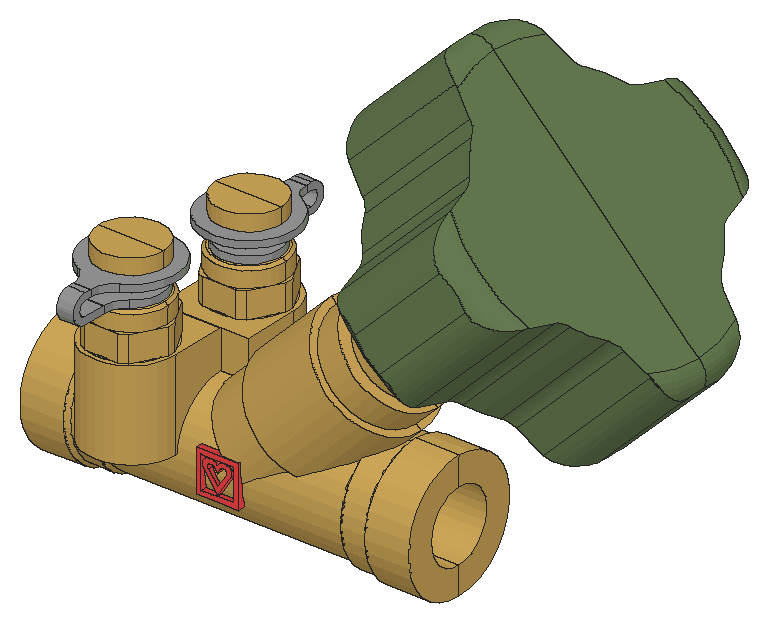
Revit family "Strangregulierventil mit Messblende für Trinkwasseranlagen 4017 MW", category Rohrzubehör, Revit 2019
Family settings
  Bemaßung runder Anschluss = Durchmesser verwenden
  Teiletyp = Unterbricht
  OmniClass-Nummer = 23.65.55.14
  OmniClass-Titel = Valves for Liquid Services
  Arbeitsebenenbasiert = Nein
  Immer vertikal = Ja
  Beim Laden mit Abzugskörper schneiden = Nein
  Gemeinsam genutzt = Nein
Parameters
  kvs-Wert [instance] = if(Nennweite = 15.000 mm, 2, if(Nennweite = 20.000 mm, 3.6, if(Nennweite = 25.000 mm, 6.5, if(Nennweite = 32.000 mm, 13.3, if(Nennweite = 40.000 mm, 18.5, if(Nennweite = 50.000 mm, 33, 0))))))  # 2
  kv-Wert der Blende [instance] = if(Nennweite = 15.000 mm, 1.95, if(Nennweite = 20.000 mm, 3.95, if(Nennweite = 25.000 mm, 7.9, if(Nennweite = 32.000 mm, 15.75, if(Nennweite = 40.000 mm, 21.5, if(Nennweite = 50.000 mm, 46.7, 0))))))  # 1.95
  W01 = 45.00°  # constant formula
  URL = "www.herz-armaturen.at"
  SW01 = 60.00°  # constant formula
  SCRNSEQ = "FW;SBT_TYP_FW=\"109\";2"
  SCRNCODE = "04;00;02"  # constant formula
  S03 = 60.000 mm  # constant formula
  S02 [instance] = L04 + L06 + L07  # 76.800 mm
  S01 [instance] = D01 * 2  # 27.000 mm
  R03 = 21.500 mm  # constant formula
  R02 = 9.500 mm  # constant formula
  R01 = 12.000 mm  # constant formula
  O-Ringe = "EPDM"  # constant formula
  Medium = "Trinkwasser"  # constant formula
  L10 [instance] = size_lookup("4017_MW_", "L10", 1.000 mm, Nennweite)  # 28.500 mm
  L09 [instance] = size_lookup("4017_MW_", "L9", 1.000 mm, Nennweite)  # 22.500 mm
  L08 [instance] = size_lookup("4017_MW_", "L8", 1.000 mm, Nennweite)  # 12.700 mm
  L07 [instance] = size_lookup("4017_MW_", "L7", 1.000 mm, Nennweite)  # 35.100 mm
  L06 [instance] = size_lookup("4017_MW_", "L6", 1.000 mm, Nennweite)  # 6.500 mm
  L05 [instance] = size_lookup("4017_MW_", "L5", 1.000 mm, Nennweite)  # 20.200 mm
  L04 [instance] = size_lookup("4017_MW_", "L4", 1.000 mm, Nennweite)  # 35.200 mm
  L03 [instance] = size_lookup("4017_MW_", "L3", 1.000 mm, Nennweite)  # 1.000 mm
  Hinweis = "Gemäß Art 33 der REACH-Verordnung (EG Nr. 1907/2006) sind wir verpflichtet, darauf hinzuweisen, dass der Stoff Blei auf der SVHC-Liste geführt wird und dass alle aus Messing bestehenden Bauteile, die in unseren Erzeugnissen verarbeitet sind, mehr als 0,1 % (w/w) Blei (CAS: 7439-92-1 / EINECS: 231-100-4) enthalten.\r\nDa Blei als Legierungsbestandteil fest gebunden ist, sind keine Expositionen zu erwarten und daher sind keine zusätzlichen Angaben zur sicheren Verwendung notwendig."
  Handrad = "Kunststoff, grün"  # constant formula
  H03 [instance] = H01 - 19.000 mm  # 1.000 mm
  H02 = 13.000 mm  # constant formula
  Gehäuse = "entzinkungsbeständiges Messing (DZR)"  # constant formula
  E01 [instance] = L00 / -2  # -41.500 mm
  E00 = 0.000 mm  # constant formula
  D09 [instance] = size_lookup("4017_MW_", "D9", 1.000 mm, Nennweite)  # 11.750 mm
  D08 [instance] = size_lookup("4017_MW_", "D8", 1.000 mm, Nennweite)  # 9.500 mm
  D07 [instance] = size_lookup("4017_MW_", "D7", 1.000 mm, Nennweite)  # 12.000 mm
  D06 [instance] = size_lookup("4017_MW_", "D6", 1.000 mm, Nennweite)  # 13.500 mm
  D05 [instance] = size_lookup("4017_MW_", "D5", 1.000 mm, Nennweite)  # 12.500 mm
  D04 [instance] = Nennweite / 2  # 7.500 mm
  IG [instance] = Nennweite / 2  # 7.500 mm
  D03 [instance] = size_lookup("4017_MW_", "D3", 1.000 mm, Nennweite)  # 11.900 mm
  D02 [instance] = size_lookup("4017_MW_", "D2", 1.000 mm, Nennweite)  # 12.700 mm
  D01 [instance] = size_lookup("4017_MW_", "D1", 1.000 mm, Nennweite)  # 13.500 mm
  Nennweite [instance] = 15.000 mm
  Max. Differenzdruck bei geschlossenen Sitz = 1000000.0 Pa  # constant formula
  Max. Betriebstemperatur bei 10 bar = 85 °C  # constant formula
  Max. Betriebsdruck bei 20°C = 2000000.0 Pa  # constant formula
  L02 [instance] = size_lookup("4017_MW_", "L2", 1.000 mm, Nennweite)  # 5.000 mm
  L01 [instance] = size_lookup("4017_MW_", "L1", 1.000 mm, Nennweite)  # 9.250 mm
  L00 [instance] = size_lookup("4017_MW_", "L", 1.000 mm, Nennweite)  # 83.000 mm
  Hersteller = "HERZ Armaturen Ges.m.b.H."  # constant formula
  H01 [instance] = size_lookup("4017_MW_", "H1", 1.000 mm, Nennweite)  # 20.000 mm
  GT [instance] = size_lookup("4017_MW_", "GT", 1.000 mm, Nennweite)  # 13.200 mm
  DN50 [instance] = Nennweite = 50.000 mm  # no
  DN40 [instance] = Nennweite = 40.000 mm  # no
  DN32 [instance] = Nennweite = 32.000 mm  # no
  DN25 [instance] = Nennweite = 25.000 mm  # no
  DN20 [instance] = Nennweite = 20.000 mm  # no
  DN15 [instance] = Nennweite = 15.000 mm  # yes
  Bestellnummer [instance] = size_lookup("4017_MW_", "Artnr", 0, Nennweite)  # 2401701
  Ausführung = "Nach Norm BS 7350 PN20 Serie B\r\nSchrägsitzregulierventil aus Kupferlegierung.\r\nAlle wasserberührten Metallteile sind aus entzinkungsbeständiger Kupferlegierung hergestellt.\r\nDie Oberteile sind mit nichtsteigender Spindel ausgestattet."
  Anwendungsgebiet = "Zum Absperren und Regulieren von Trinkwasseranlagen in Gebäuden bzw. zum hydraulischen Abgleich von Versorgungsleitungen."
Reference planes
  plane 1 "Mitte (Vorne/hinten)": y = 0
  plane 2: z = 0
  plane 3 "Mitte (Links/rechts)": x = 0
Forms (mm)
  Revolve 1, solid, material "Messing, weicher Gelbton, geschweißt", detail levels fine
    sketch origin (470, 0, 0) x (1, 0, 0) y (0, 0, 1)
      loop
        line (-511.5, 7.5) -> (-498.3, 7.5) -> (-498.3, 0) -> (-441.7, 0) -> (-441.7, 7.5) -> (-428.5, 7.5) -> (-428.5, 13.5) -> (-437.75, 13.5) -> (-438.55, 12.7) -> (-443.55, 12.7) -> (-444.35, 11.9) -> (-495.65, 11.9) -> (-496.45, 12.7) -> (-501.45, 12.7) -> (-502.25, 13.5) -> (-511.5, 13.5) -> (-511.5, 7.5)
      axis (-511.5, 0) -> (-428.5, 0)
    angle from 0 to 360
  Revolve 2, solid, material "Messing, weicher Gelbton, geschweißt", detail levels fine
    sketch origin (0.32, 0, -0.105) x (1, 0, 0) y (0, 0, 1)
      loop
        line (-1.32, 0.105) -> (52.986, 54.411) -> (44.677, 62.719) -> (35.697, 53.739) -> (37.288, 52.148) -> (21.449, 36.309) -> (19.681, 38.076) -> (15.085, 33.48) -> (14.024, 34.541) -> (-0.259, 20.257) -> (0.448, 19.55) -> (-7.098, 12.005) -> (-6.623, 5.408) -> (-1.32, 0.105)
      axis (-1.32, 0.105) -> (52.986, 54.411)
    angle from 0 to 360
  Extrusion 3, solid, material "Messing, weicher Gelbton, geschweißt", detail levels fine
    sketch origin (0, 0, 0) x (1, 0, 0) y (0, 1, 0)
      loop
        arc (-28.5, -12) -> (-19, -21.5) -> (-9.5, -12) r 9.5
        line (-9.5, -12) -> (-9.5, 0) -> (-28.5, 0) -> (-28.5, -12)
    from 1 <- "H03" to 20 <- "H01"
  Extrusion 4, solid, material "Messing, weicher Gelbton, geschweißt", detail levels fine
    sketch origin (0, 0, 0) x (1, 0, 0) y (0, 1, 0)
      loop
        line (-22.5, 12) -> (-22.5, 0) -> (-3.5, 0) -> (-3.5, 12)
        arc (-3.5, 12) -> (-13, 21.5) -> (-22.5, 12) r 9.5
    from 0 to 20 <- "H01"
Lines and regions (mm)
  model lines, detail levels coarse+medium
    curve 1: line (-41.5, 0, 13.5) -> (-41.5, 0, -13.5)
    curve 2: line (-41.5, 0, -13.5) -> (41.5, 0, 13.5)
    curve 3: line (41.5, 0, 13.5) -> (41.5, 0, -13.5)
    curve 4: line (41.5, 0, -13.5) -> (-41.5, 0, 13.5)
    curve 5: line (0, 0, 0) -> (38.4, 0, 66.511)
    curve 6: line (12.419, 0, 81.511) -> (64.381, 0, 51.511)
    curve 7: line (-41.5, -13.5, 0) -> (-41.5, 13.5, 0)
    curve 8: line (-41.5, 13.5, 0) -> (41.5, -13.5, 0)
    curve 9: line (41.5, -13.5, 0) -> (41.5, 13.5, 0)
    curve 10: line (41.5, 13.5, 0) -> (-41.5, -13.5, 0)
    curve 11: line (0, 0, 0) -> (38.4, 66.511, 0)
    curve 12: line (12.419, 81.511, 0) -> (64.381, 51.511, 0)
Dimensions and locks
  "L00": Revolve 1 sketch curve to Revolve 1 sketch curve
  equal spacing: Revolve 1 sketch curve, plane 3 "Mitte (Links/rechts)", Revolve 1 sketch curve
  "D01": Revolve 1 sketch curve to Revolve 1 sketch curve  (x2)
  "GT": Revolve 1 sketch curve to Revolve 1 sketch curve  (x2)
  "D06": Revolve 2 sketch curve to Revolve 2 sketch curve
  "D07": Revolve 2 sketch curve to Revolve 2 sketch curve
  "D08": Revolve 2 sketch curve to Revolve 2 sketch curve
  "D09": Revolve 2 sketch curve to Revolve 2 sketch curve
  equal spacing: curve 1, plane 3 "Mitte (Links/rechts)", curve 3
  "L00": curve 1 to curve 3
  equal spacing: curve 4, plane 2, curve 2
  "S01": curve 4 to curve 1
  "S01": curve 3 to curve 4
  equal spacing: curve 3, plane 2, curve 4
  "S02": curve 5 to curve 5
  equal spacing: curve 6, curve 5, curve 6
  "S03": curve 6 to curve 6
  equal spacing: curve 7, plane 3 "Mitte (Links/rechts)", curve 9
  "L00": curve 7 to curve 9
  equal spacing: curve 10, plane 1 "Mitte (Vorne/hinten)", curve 8
  "S01": curve 8 to curve 10
  equal spacing: curve 9, plane 1 "Mitte (Vorne/hinten)", curve 10
  "S01": curve 10 to curve 9
  "S02": curve 11 to curve 11
  equal spacing: curve 12, curve 11, curve 12
  "S03": curve 12 to curve 12
  "L01": Revolve 1 sketch curve to Revolve 1 sketch curve  (x2)
  "D02": Revolve 1 sketch curve to plane 2  (x2)
  "D03": Revolve 1 sketch curve to plane 2
  "IG": Revolve 1 sketch curve to plane 2  (x2)
  "L02": Revolve 1 sketch curve to Revolve 1 sketch curve  (x2)
  "L04": Revolve 2 sketch curve to Revolve 2 sketch curve
  "L05": Revolve 2 sketch curve to Revolve 2 sketch curve
  "D03": Revolve 2 sketch curve to plane 2
  "L06": Revolve 2 sketch curve to Revolve 2 sketch curve
  "L08": Revolve 2 sketch curve to Revolve 2 sketch curve
  "L07": Revolve 2 sketch curve to Revolve 2 sketch curve
  "D04": Revolve 2 sketch curve to Revolve 2 sketch curve
  "D05": Revolve 2 sketch curve to Revolve 2 sketch curve
  "L03": plane 3 "Mitte (Links/rechts)" to Revolve 2 sketch curve  (x2)
  "D03": nested 1 to plane 1 "Mitte (Vorne/hinten)"
  "L09": Revolve 1 to Extrusion 3 sketch curve
  "R01": Extrusion 3 sketch curve to plane 1 "Mitte (Vorne/hinten)"
  "R01": plane 1 "Mitte (Vorne/hinten)" to Extrusion 4 sketch curve
  "L10": Revolve 1 to Extrusion 4 sketch curve
  "H01": nested 3 to plane 2
  "H01": nested 2 to plane 2
  "R01": nested 3 to plane 1 "Mitte (Vorne/hinten)"
  "R01": plane 1 "Mitte (Vorne/hinten)" to nested 2
  "L10": Revolve 1 to nested 2
  "L09": Revolve 1 to nested 3
  "R02": radius of Extrusion 3 sketch curve
  "R02": radius of Extrusion 4 sketch curve
  "W01": angle level to Revolve 2 sketch curve
  "SW01": angle plane 2 to curve 5
  "SW01": angle plane 1 "Mitte (Vorne/hinten)" to curve 11
  "W01": angle Revolve 1 sketch curve to Revolve 1 sketch curve  (x4)
  "W01": angle plane 2 to Revolve 2 sketch curve
  aligned and locked: level to plane 2
Automatic sketch dimensions
  curve 5 to level = 0.000 mm
  plane 1 "Mitte (Vorne/hinten)" to curve 11 = 0.000 mm
  Revolve 1 sketch curve to level = 0.000 mm  (x2)
  Revolve 1 sketch curve to Revolve 1 sketch curve = 791.990 mm
  Revolve 1 sketch curve to Revolve 1 sketch curve = 2278.983 mm
  Revolve 2 sketch curve to level = 0.000 mm  (x2)
  plane 1 "Mitte (Vorne/hinten)" to Extrusion 3 sketch curve = 0.000 mm
  plane 1 "Mitte (Vorne/hinten)" to Extrusion 4 sketch curve = 0.000 mm
Nested families
  nested 1: "Herz-Logo-vorne" at (0, -11.9, 0) x (0, 1, 0) z (0, 0, 1), type "Herz-Logo-vorne", detail levels fine
  nested 2: "Messstutzen_Band_Austritt_senkrecht_(oben)" at (-13, 12, 2.5), type "Messstutzen_Band_Austritt_senkrecht_(oben)"
    with Schutzkappe yes, Nennweite 0.000 mm, Gewicht 0.00 kg, Bestellnummer 0
  nested 3: "Messstutzen_Band_Eintritt_senkrecht_(oben)" at (-19, -12, 2.5) x (-1, 0, 0) z (0, 0, 1), type "Messstutzen_Band_Eintritt_senkrecht_(oben)"
    with Schutzkappe yes, Nennweite 0.000 mm, Gewicht 0.00 kg, Bestellnummer 0
  nested 4: "Strangregulierventil-Handrad (Grün) DN15-DN32" at (53.306, 0, 54.306), visible <- "DN15", type "Strangregulierventil-Handrad (Grün) DN15-DN32"
    with Nennweite 0.000 mm, Gewicht 0.00 kg, Bestellnummer 0
  nested 5: "Strangregulierventil-Handrad (Grün) DN15-DN32" at (55.846, 0, 56.846), visible <- "DN20", type "Strangregulierventil-Handrad (Grün) DN15-DN32"
    with Nennweite 0.000 mm, Gewicht 0.00 kg, Bestellnummer 0
  nested 6: "Strangregulierventil-Handrad (Grün) DN15-DN32" at (64.569, 0, 70.069), visible <- "DN25", type "Strangregulierventil-Handrad (Grün) DN15-DN32"
    with Nennweite 0.000 mm, Gewicht 0.00 kg, Bestellnummer 0
  nested 7: "Strangregulierventil-Handrad (Grün) DN15-DN32" at (67.426, 0, 76.226), visible <- "DN32", type "Strangregulierventil-Handrad (Grün) DN15-DN32"
    with Nennweite 0.000 mm, Gewicht 0.00 kg, Bestellnummer 0
  nested 8: "Strangregulierventil-Handrad (Grün) DN40-DN50" at (76.747, 0, 88.247), visible <- "DN40", type "Strangregulierventil-Handrad (Grün) DN40-DN50"
    with Nennweite 0.000 mm, Gewicht 0.00 kg, Bestellnummer 0
  nested 9: "Strangregulierventil-Handrad (Grün) DN40-DN50" at (75.124, 0, 91.924), visible <- "DN50", type "Strangregulierventil-Handrad (Grün) DN40-DN50"
    with Nennweite 0.000 mm, Gewicht 0.00 kg, Bestellnummer 0
Connectors
  piping at (-28.3, 0, 0), diameter 15, driven by "Nennweite"
    settings: on Revolve 1, index 1, connector inside diameter 609.6 mm, connector length 0.000 mm, flow factor 0, pipe flow 0.0 L/s, pressure drop 0.0 Pa, fitting loss kfactor 0, connector angle 0.00°, fixture units 0, engagement length 0.000 mm, angle of deflection 0.00°, flow configuration 0, flow direction 1, fitting loss method 0, system type 29, joint type 0, gender type 0, connector reference index -1, connector utility 0, adjustable connector no, is connector primary yes, connector description ""
  piping at (28.3, 0, 0), diameter 15, driven by "Nennweite"
    settings: on Revolve 1, index 2, connector inside diameter 609.6 mm, connector length 0.000 mm, flow factor 0, pipe flow 0.0 L/s, pressure drop 0.0 Pa, fitting loss kfactor 0, connector angle 0.00°, fixture units 0, engagement length 0.000 mm, angle of deflection 0.00°, flow configuration 0, flow direction 2, fitting loss method 0, system type 29, joint type 0, gender type 0, connector reference index -1, connector utility 0, adjustable connector no, is connector primary no, connector description ""
Definition of nested family "Herz-Logo-vorne"
  Reference planes
    plane 1 "Mitte (Vorne/hinten)": y = 0
    plane 2: z = 0
    plane 3 "Mitte (Links/rechts)": x = 0
  Forms (mm)
    Extrusion 1, solid
      sketch origin (0.732, -0.018, 0.017) x (0, -1, 0) y (0, 0, 1)
        loop
          line (-0.018, -4.517) -> (4.482, -4.517) -> (4.482, 4.483) -> (-4.518, 4.483) -> (-4.518, -4.517) -> (-0.018, -4.517)
        loop
          line (-0.05, -3.48) -> (3.482, -3.48) -> (3.482, 3.483) -> (-3.518, 3.483) -> (-3.518, -3.48) -> (-0.05, -3.48)
        loop
          arc (-0.018, 2.383) -> (-1.543, 3.287) -> (-3.067, 2.383) r 1.738
          arc (-3.067, 2.383) -> (-3.191, 1.899) -> (-3.067, 1.415) r 1.009
          line (-3.067, 1.415) -> (-0.018, -3.281) -> (3.032, 1.415)
          arc (3.032, 1.415) -> (3.156, 1.899) -> (3.032, 2.383) r 1.009
          arc (3.032, 2.383) -> (1.507, 3.287) -> (-0.018, 2.383) r 1.738
        loop
          arc (1.885, 1.272) -> (2.005, 1.675) -> (1.885, 2.079) r 0.74
          arc (1.885, 2.079) -> (1.265, 2.416) -> (0.644, 2.079) r 0.74
          line (0.644, 2.079) -> (-0.018, 0.97) -> (-0.679, 2.079)
          arc (-0.679, 2.079) -> (-1.3, 2.416) -> (-1.921, 2.079) r 0.74
          arc (-1.921, 2.079) -> (-2.04, 1.675) -> (-1.921, 1.272) r 0.74
          line (-1.921, 1.272) -> (-0.018, -1.658) -> (1.885, 1.272)
      from 0 to 1.5
  Dimensions and locks
    aligned and locked: level to plane 2
Definition of nested family "Messstutzen_Band_Austritt_senkrecht_(oben)"
  Parameters (values of type "Messstutzen_Band_Austritt_senkrecht_(oben)")
    URL = "www.herz-armaturen.at"
    Schutzkappe [instance] = yes
    Nennweite [instance] = 0.000 mm
    Manufacturer = "Herz Armaturen GmbH"  # constant formula
    Gewicht [instance] = 0.00 kg
    Bestellnummer [instance] = 0
  Reference planes
    plane 1 "Mitte (Vorne/hinten)": y = 0
    plane 2: z = 0
    plane 3 "Mitte (Links/rechts)": x = 0
    plane 4 "Schlaufe 1": z = -27
    plane 5 "Schlaufe 2": z = -31.678
  Forms (mm)
    Revolve 1, solid, detail levels fine
      sketch origin (0, 0, 0) x (1, 0, 0) y (0, 0, 1)
        loop
          line (-7.4, 9) -> (-5.55, 9) -> (-5.55, 6)
          arc (-5.55, 6) -> (-5.626, 5.617) -> (-5.843, 5.293) r 1
          line (-5.843, 5.293) -> (-6.455, 4.681) -> (-6.455, 0.9) -> (-5.555, 0) -> (-2, 0) -> (-2, 17.5) -> (-8.4, 17.5)
          arc (-8.4, 17.5) -> (-7.693, 17.207) -> (-7.4, 16.5) r 1
          line (-7.4, 16.5) -> (-7.4, 9)
        loop
          line (-3.7, 27) -> (-7.3, 27) -> (-7.9, 26.4) -> (-7.9, 23) -> (-2, 23) -> (-2, 35.8) -> (-3.805, 35.8) -> (-4.415, 35.19) -> (-4.415, 30.863) -> (-3.7, 30.45) -> (-3.7, 27)
        axis (0, 0) -> (0, 35.8)
      angle from 0 to 360
    Extrusion 2, solid, detail levels fine
      sketch origin (0, 0, 17.5) x (0, 1, 0) y (-1, 0, 0)
        loop
          arc (-7.07, 5.156) -> (-7.578, 4.375) -> (-8, 3.544) r 8.75
          line (-8, 3.544) -> (-8, -3.544)
          arc (-8, -3.544) -> (-7.578, -4.375) -> (-7.07, -5.156) r 8.75
          line (-7.07, -5.156) -> (-0.93, -8.7)
          arc (-0.93, -8.7) -> (0, -8.75) -> (0.93, -8.7) r 8.75
          line (0.93, -8.7) -> (7.07, -5.156)
          arc (7.07, -5.156) -> (7.578, -4.375) -> (8, -3.544) r 8.75
          line (8, -3.544) -> (8, 3.544)
          arc (8, 3.544) -> (7.578, 4.375) -> (7.07, 5.156) r 8.75
          line (7.07, 5.156) -> (0.93, 8.7)
          arc (0.93, 8.7) -> (0, 8.75) -> (-0.93, 8.7) r 8.75
          line (-0.93, 8.7) -> (-7.07, 5.156)
      from 0 to 5.5
    Revolve 3, solid, visible <- "Schutzkappe", detail levels fine
      sketch origin (0, 0, 0) x (1, 0, 0) y (0, 0, 1)
        loop
          line (0, 35.878) -> (0, 36.678) -> (-7, 36.678) -> (-7, 33.378) -> (-6.1, 33.378) -> (-6.1, 31.678) -> (-6.9, 31.678) -> (-6.9, 30.178) -> (-4.415, 30.178) -> (-4.415, 35.268) -> (-3.805, 35.878) -> (0, 35.878)
        axis (0, 30.178) -> (0, 36.678)
      angle from 0 to 360
    Extrusion 4, solid, detail levels fine
      sketch origin (0, 0, 28.5) x (1, 0, 0) y (0, 1, 0)
        loop
          circle (0, 0) r 3.7
        loop
          arc (-3.906, 5.505) -> (0, -6.75) -> (3.906, 5.505) r 6.75
          arc (3.906, 5.505) -> (2.358, 7.288) -> (1.8, 9.582) r 5
          line (1.8, 9.582) -> (-1.8, 9.582)
          arc (-1.8, 9.582) -> (-2.358, 7.288) -> (-3.906, 5.505) r 5
      from 0 to -1.5
    Extrusion 5, solid, detail levels fine
      sketch origin (0, 0, 33.178) x (1, 0, 0) y (0, 1, 0)
        loop
          circle (0, 0) r 6.1
        loop
          arc (-4.495, 8.652) -> (0, -9.75) -> (4.495, 8.652) r 9.75
          arc (4.495, 8.652) -> (2.527, 10.493) -> (1.8, 13.089) r 5
          line (1.8, 13.089) -> (-1.8, 13.089)
          arc (-1.8, 13.089) -> (-2.527, 10.493) -> (-4.495, 8.652) r 5
      from 0 to -1.5
    Sweep 6, solid, detail levels fine
      path origin (0, 0, 0) x (0, 0, -1) y (0, -1, 0)
        loop
          line (-27.75, -9.582) -> (-27.75, -14.522)
          arc (-27.75, -14.522) -> (-30.089, -16.862) -> (-32.428, -14.522) r 2.339
          line (-32.428, -14.522) -> (-32.428, -13.089)
      profile origin (0, 12.052, 27.75) x (0, 0, 1) y (1, 0, 0)
        loop
          line (-0.75, -1.8) -> (0.75, -1.8) -> (0.75, 1.8) -> (-0.75, 1.8) -> (-0.75, -1.8)
  Dimensions and locks
    aligned and locked: level to plane 2
Definition of nested family "Messstutzen_Band_Eintritt_senkrecht_(oben)"
  Parameters (values of type "Messstutzen_Band_Eintritt_senkrecht_(oben)")
    URL = "www.herz-armaturen.at"
    Schutzkappe [instance] = yes
    Nennweite [instance] = 0.000 mm
    Manufacturer = "Herz Armaturen GmbH"  # constant formula
    Gewicht [instance] = 0.00 kg
    Bestellnummer [instance] = 0
  Reference planes
    plane 1 "Mitte (Vorne/hinten)": y = 0
    plane 2: z = 0
    plane 3 "Mitte (Links/rechts)": x = 0
    plane 4 "Schlaufe 1": z = -27
    plane 5 "Schlaufe 2": z = -31.678
  Forms (mm)
    Revolve 1, solid, detail levels fine
      sketch origin (0, 0, 0) x (1, 0, 0) y (0, 0, 1)
        loop
          line (-7.4, 9) -> (-5.55, 9) -> (-5.55, 6)
          arc (-5.55, 6) -> (-5.626, 5.617) -> (-5.843, 5.293) r 1
          line (-5.843, 5.293) -> (-6.455, 4.681) -> (-6.455, 0.9) -> (-5.555, 0) -> (-2, 0) -> (-2, 17.5) -> (-8.4, 17.5)
          arc (-8.4, 17.5) -> (-7.693, 17.207) -> (-7.4, 16.5) r 1
          line (-7.4, 16.5) -> (-7.4, 9)
        loop
          line (-3.7, 27) -> (-7.3, 27) -> (-7.9, 26.4) -> (-7.9, 23) -> (-2, 23) -> (-2, 35.8) -> (-3.805, 35.8) -> (-4.415, 35.19) -> (-4.415, 30.863) -> (-3.7, 30.45) -> (-3.7, 27)
        axis (0, 0) -> (0, 35.8)
      angle from 0 to 360
    Extrusion 2, solid, detail levels fine
      sketch origin (0, 0, 17.5) x (0, 1, 0) y (-1, 0, 0)
        loop
          arc (-7.07, 5.156) -> (-7.578, 4.375) -> (-8, 3.544) r 8.75
          line (-8, 3.544) -> (-8, -3.544)
          arc (-8, -3.544) -> (-7.578, -4.375) -> (-7.07, -5.156) r 8.75
          line (-7.07, -5.156) -> (-0.93, -8.7)
          arc (-0.93, -8.7) -> (0, -8.75) -> (0.93, -8.7) r 8.75
          line (0.93, -8.7) -> (7.07, -5.156)
          arc (7.07, -5.156) -> (7.578, -4.375) -> (8, -3.544) r 8.75
          line (8, -3.544) -> (8, 3.544)
          arc (8, 3.544) -> (7.578, 4.375) -> (7.07, 5.156) r 8.75
          line (7.07, 5.156) -> (0.93, 8.7)
          arc (0.93, 8.7) -> (0, 8.75) -> (-0.93, 8.7) r 8.75
          line (-0.93, 8.7) -> (-7.07, 5.156)
      from 0 to 5.5
    Revolve 3, solid, visible <- "Schutzkappe", detail levels fine
      sketch origin (0, 0, 0) x (1, 0, 0) y (0, 0, 1)
        loop
          line (0, 35.878) -> (0, 36.678) -> (-7, 36.678) -> (-7, 33.378) -> (-6.1, 33.378) -> (-6.1, 31.678) -> (-6.9, 31.678) -> (-6.9, 30.178) -> (-4.415, 30.178) -> (-4.415, 35.268) -> (-3.805, 35.878) -> (0, 35.878)
        axis (0, 30.178) -> (0, 36.678)
      angle from 0 to 360
    Extrusion 4, solid, detail levels fine
      sketch origin (0, 0, 28.5) x (1, 0, 0) y (0, 1, 0)
        loop
          circle (0, 0) r 3.7
        loop
          arc (-3.906, 5.505) -> (0, -6.75) -> (3.906, 5.505) r 6.75
          arc (3.906, 5.505) -> (2.358, 7.288) -> (1.8, 9.582) r 5
          line (1.8, 9.582) -> (-1.8, 9.582)
          arc (-1.8, 9.582) -> (-2.358, 7.288) -> (-3.906, 5.505) r 5
      from 0 to -1.5
    Extrusion 5, solid, detail levels fine
      sketch origin (0, 0, 33.178) x (1, 0, 0) y (0, 1, 0)
        loop
          circle (0, 0) r 6.1
        loop
          arc (-4.495, 8.652) -> (0, -9.75) -> (4.495, 8.652) r 9.75
          arc (4.495, 8.652) -> (2.527, 10.493) -> (1.8, 13.089) r 5
          line (1.8, 13.089) -> (-1.8, 13.089)
          arc (-1.8, 13.089) -> (-2.527, 10.493) -> (-4.495, 8.652) r 5
      from 0 to -1.5
    Sweep 6, solid, detail levels fine
      path origin (0, 0, 0) x (0, 0, -1) y (0, -1, 0)
        loop
          line (-27.75, -9.582) -> (-27.75, -14.522)
          arc (-27.75, -14.522) -> (-30.089, -16.862) -> (-32.428, -14.522) r 2.339
          line (-32.428, -14.522) -> (-32.428, -13.089)
      profile origin (0, 12.052, 27.75) x (0, 0, 1) y (1, 0, 0)
        loop
          line (-0.75, -1.8) -> (0.75, -1.8) -> (0.75, 1.8) -> (-0.75, 1.8) -> (-0.75, -1.8)
  Dimensions and locks
    aligned and locked: level to plane 2
Definition of nested family "Strangregulierventil-Handrad (Grün) DN15-DN32"
  Parameters (values of type "Strangregulierventil-Handrad (Grün) DN15-DN32")
    URL = "www.herz-armaturen.at"
    Nennweite [instance] = 0.000 mm
    Manufacturer = "Herz Armaturen GmbH"  # constant formula
    Gewicht [instance] = 0.00 kg
    Bestellnummer [instance] = 0
  Reference planes
    plane 1 "Mitte (Vorne/hinten)": y = 0
    plane 2: z = 0
    plane 3 "Mitte (Links/rechts)": x = 0
  Forms (mm)
    Revolve 1, solid, detail levels fine
      sketch origin (0, 0, 0) x (0.707107, 0, -0.707107) y (0.707107, 0, 0.707107)
        loop
          line (0, 0) -> (0, 24.95) -> (-30.992, 24.95)
          arc (-30.992, 24.95) -> (-34.37, 23.636) -> (-35.973, 20.386) r 5
          line (-35.973, 20.386) -> (-37, 8.65) -> (-35.986, -2.936)
          arc (-35.986, -2.936) -> (-34.383, -6.186) -> (-31.005, -7.5) r 5
          line (-31.005, -7.5) -> (-15, -7.5) -> (-15, 0) -> (0, 0)
        axis (0, 24.95) -> (0, -7.5)
      angle from 0 to 360
    Extrusion 2, void
      sketch origin (14.354, 0, 14.354) x (0.707107, 0, -0.707107) y (0, 1, 0)
        loop
          line (3.861, 35.5) -> (-3.861, 35.5)
          arc (-3.861, 35.5) -> (-8.731, 33.847) -> (-11.589, 29.571) r 8
          line (-11.589, 29.571) -> (-13.284, 23.245)
          arc (-13.284, 23.245) -> (-13.982, 21.722) -> (-15.144, 20.516) r 5
          arc (-15.144, 20.516) -> (-18.031, 18.031) -> (-20.516, 15.144) r 25.5
          arc (-20.516, 15.144) -> (-21.722, 13.982) -> (-23.245, 13.284) r 5
          line (-23.245, 13.284) -> (-29.571, 11.589)
          arc (-29.571, 11.589) -> (-33.847, 8.731) -> (-35.5, 3.861) r 8
          line (-35.5, 3.861) -> (-35.5, -3.861)
          arc (-35.5, -3.861) -> (-33.847, -8.731) -> (-29.571, -11.589) r 8
          line (-29.571, -11.589) -> (-23.245, -13.284)
          arc (-23.245, -13.284) -> (-21.722, -13.982) -> (-20.516, -15.144) r 5
          arc (-20.516, -15.144) -> (-18.031, -18.031) -> (-15.144, -20.516) r 25.5
          arc (-15.144, -20.516) -> (-13.982, -21.722) -> (-13.284, -23.245) r 5
          line (-13.284, -23.245) -> (-11.589, -29.571)
          arc (-11.589, -29.571) -> (-8.731, -33.847) -> (-3.861, -35.5) r 8
          line (-3.861, -35.5) -> (3.861, -35.5)
          arc (3.861, -35.5) -> (8.731, -33.847) -> (11.589, -29.571) r 8
          line (11.589, -29.571) -> (13.284, -23.245)
          arc (13.284, -23.245) -> (13.982, -21.722) -> (15.144, -20.516) r 5
          arc (15.144, -20.516) -> (18.031, -18.031) -> (20.516, -15.144) r 25.5
          arc (20.516, -15.144) -> (21.722, -13.982) -> (23.245, -13.284) r 5
          line (23.245, -13.284) -> (29.571, -11.589)
          arc (29.571, -11.589) -> (33.847, -8.731) -> (35.5, -3.861) r 8
          line (35.5, -3.861) -> (35.5, 3.861)
          arc (35.5, 3.861) -> (33.847, 8.731) -> (29.571, 11.589) r 8
          line (29.571, 11.589) -> (23.245, 13.284)
          arc (23.245, 13.284) -> (21.722, 13.982) -> (20.516, 15.144) r 5
          arc (20.516, 15.144) -> (18.031, 18.031) -> (15.144, 20.516) r 25.5
          arc (15.144, 20.516) -> (13.982, 21.722) -> (13.284, 23.245) r 5
          line (13.284, 23.245) -> (11.589, 29.571)
          arc (11.589, 29.571) -> (8.731, 33.847) -> (3.861, 35.5) r 8
        loop
          circle (0, 0) r 38
      from -31.266 to 7.923
  Cuts and joins
    Extrusion 2 cuts Revolve 1
  Dimensions and locks
    Revolve 1 sketch curve to Revolve 1 sketch curve = 15.000 mm
    Revolve 1 sketch curve to Revolve 1 sketch curve = 16.150 mm
    Revolve 1 sketch curve to Revolve 1 sketch curve = 16.300 mm
    angle Revolve 1 sketch curve to Revolve 1 sketch curve = 95.00°
    aligned and locked: level to plane 2
Definition of nested family "Strangregulierventil-Handrad (Grün) DN40-DN50"
  Parameters (values of type "Strangregulierventil-Handrad (Grün) DN40-DN50")
    URL = "www.herz-armaturen.at"
    Nennweite [instance] = 0.000 mm
    Manufacturer = "Herz Armaturen GmbH"  # constant formula
    Gewicht [instance] = 0.00 kg
    Bestellnummer [instance] = 0
  Reference planes
    plane 1 "Mitte (Vorne/hinten)": y = 0
    plane 2: z = 0
    plane 3 "Mitte (Links/rechts)": x = 0
  Forms (mm)
    Revolve 1, solid, detail levels fine
      sketch origin (0, 0, 0) x (0.707107, 0, -0.707107) y (0.707107, 0, 0.707107)
        loop
          line (0, 0) -> (0, 24.95) -> (-50.992, 24.95)
          arc (-50.992, 24.95) -> (-54.37, 23.636) -> (-55.973, 20.386) r 5
          line (-55.973, 20.386) -> (-57, 8.65) -> (-55.986, -2.936)
          arc (-55.986, -2.936) -> (-54.383, -6.186) -> (-51.005, -7.5) r 5
          line (-51.005, -7.5) -> (-15, -7.5) -> (-15, 0) -> (0, 0)
        axis (0, 24.95) -> (0, -7.5)
      angle from 0 to 360
    Extrusion 2, void
      sketch origin (14.354, 0, 14.354) x (0.707107, 0, -0.707107) y (0, 1, 0)
        loop
          line (-55, 6.292) -> (-55, -6.292)
          arc (-55, -6.292) -> (-52.52, -13.597) -> (-46.106, -17.883) r 12
          line (-46.106, -17.883) -> (-35.399, -20.752)
          arc (-35.399, -20.752) -> (-33.541, -21.612) -> (-32.08, -23.047) r 6
          arc (-32.08, -23.047) -> (-27.931, -27.931) -> (-23.047, -32.08) r 39.5
          arc (-23.047, -32.08) -> (-21.612, -33.541) -> (-20.752, -35.399) r 6
          line (-20.752, -35.399) -> (-17.883, -46.106)
          arc (-17.883, -46.106) -> (-13.597, -52.52) -> (-6.292, -55) r 12
          line (-6.292, -55) -> (6.292, -55)
          arc (6.292, -55) -> (13.597, -52.52) -> (17.883, -46.106) r 12
          line (17.883, -46.106) -> (20.752, -35.399)
          arc (20.752, -35.399) -> (21.612, -33.541) -> (23.047, -32.08) r 6
          arc (23.047, -32.08) -> (27.931, -27.931) -> (32.08, -23.047) r 39.5
          arc (32.08, -23.047) -> (33.541, -21.612) -> (35.399, -20.752) r 6
          line (35.399, -20.752) -> (46.106, -17.883)
          arc (46.106, -17.883) -> (52.52, -13.597) -> (55, -6.292) r 12
          line (55, -6.292) -> (55, 6.292)
          arc (55, 6.292) -> (52.52, 13.597) -> (46.106, 17.883) r 12
          line (46.106, 17.883) -> (35.399, 20.752)
          arc (35.399, 20.752) -> (33.541, 21.612) -> (32.08, 23.047) r 6
          arc (32.08, 23.047) -> (27.931, 27.931) -> (23.047, 32.08) r 39.5
          arc (23.047, 32.08) -> (21.612, 33.541) -> (20.752, 35.399) r 6
          line (20.752, 35.399) -> (17.883, 46.106)
          arc (17.883, 46.106) -> (13.597, 52.52) -> (6.292, 55) r 12
          line (6.292, 55) -> (-6.292, 55)
          arc (-6.292, 55) -> (-13.597, 52.52) -> (-17.883, 46.106) r 12
          line (-17.883, 46.106) -> (-20.752, 35.399)
          arc (-20.752, 35.399) -> (-21.612, 33.541) -> (-23.047, 32.08) r 6
          arc (-23.047, 32.08) -> (-27.931, 27.931) -> (-32.08, 23.047) r 39.5
          arc (-32.08, 23.047) -> (-33.541, 21.612) -> (-35.399, 20.752) r 6
          line (-35.399, 20.752) -> (-46.106, 17.883)
          arc (-46.106, 17.883) -> (-52.52, 13.597) -> (-55, 6.292) r 12
        loop
          circle (0, 0) r 60
      from -31.161 to 7.489
  Cuts and joins
    Extrusion 2 cuts Revolve 1
  Dimensions and locks
    Revolve 1 sketch curve to Revolve 1 sketch curve = 15.000 mm
    Revolve 1 sketch curve to Revolve 1 sketch curve = 16.150 mm
    Revolve 1 sketch curve to Revolve 1 sketch curve = 16.300 mm
    Revolve 1 sketch curve to Revolve 1 sketch curve = 57.000 mm
    angle Revolve 1 sketch curve to Revolve 1 sketch curve = 95.00°
    aligned and locked: level to plane 2
